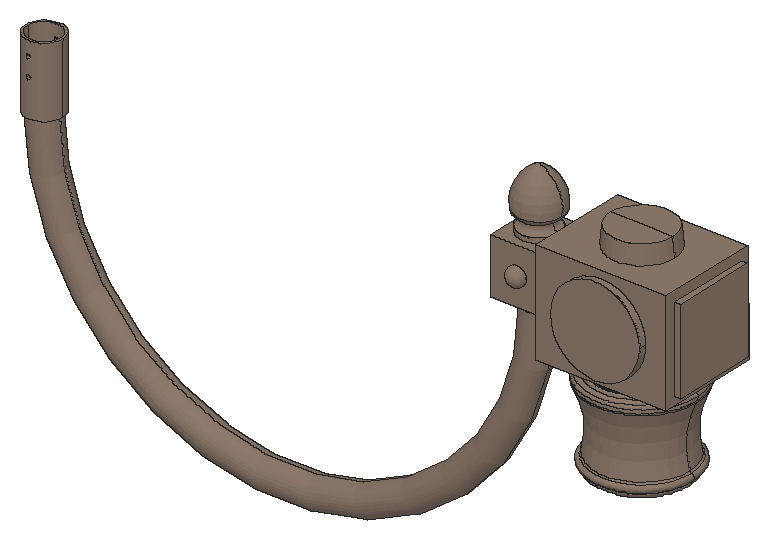
Revit family "PA213", category Generic Models, Revit 2014
Parameters
  END CAP = Bronze, Architectural
  CROWN = Bronze, Architectural
  CANDY CANE = Bronze, Architectural
  BODY = Bronze, Architectural
  BASE = Bronze, Architectural
  ARM = Bronze, Architectural
Reference planes (in)
  plane 1 "Center (Front/Back)": y = 0
  plane 2: z = 0
  plane 3 "Center (Left/Right)": x = 0
  plane 4: y = 2.75
  plane 5: y = 3.125
  plane 6: y = -2.75
  plane 7: y = -3.125
  plane 8: x = -32.98625
  plane 9: x = -32.86125
Forms (in)
  Revolve 1, solid, material "Bronze, Architectural" <- "BASE"
    sketch origin (0, 0, 0) x (1, 0, 0) y (0, 0, 1)
      loop
        arc (-2.38289, 12.14133) -> (-2.31662, 11.9706) -> (-2.39967, 11.80736) r 0.22436
        line (-2.39967, 11.80736) -> (-2.5, 11.80736)
        arc (-2.5, 11.80736) -> (-2.58839, 11.77075) -> (-2.625, 11.68236) r 0.125
        arc (-2.625, 11.68236) -> (-2.72261, 11.57233) -> (-2.86894, 11.55736) r 0.20254
        arc (-2.86894, 11.55736) -> (-2.95733, 11.52075) -> (-2.99394, 11.43236) r 0.125
        line (-2.99394, 11.43236) -> (-2.99394, 11.23726)
        arc (-2.99394, 11.23726) -> (-2.984, 11.18769) -> (-2.95525, 11.14611) r 0.12502
        arc (-2.95525, 11.14611) -> (-2.43215, 9.4658) -> (-2.54473, 7.70956) r 4.83767
        arc (-2.54473, 7.70956) -> (-2.57956, 7.65867) -> (-2.62209, 7.61403) r 0.3836
        arc (-2.62209, 7.61403) -> (-2.7992, 7.43692) -> (-2.62209, 7.25981) r 0.17711
        arc (-2.62209, 7.25981) -> (-2.59549, 7.21517) -> (-2.59621, 7.16322) r 0.09543
        arc (-2.59621, 7.16322) -> (-2.5916, 7.06555) -> (-2.52707, 6.99209) r 0.14793
        line (-2.52707, 6.99209) -> (0, 6.99209) -> (0, 12.14133) -> (-2.38289, 12.14133)
      axis (0, 12.14133) -> (0, 6.99209)
    angle from 0 to 360
  Revolve 2, solid, material "Bronze, Architectural" <- "CROWN"
    sketch origin (0, 0, 0) x (1, 0, 0) y (0, 0, 1)
      loop
        arc (-5.5, 19.64133) -> (-6.49644, 18.78403) -> (-6.73581, 17.49152) r 1.9787
        arc (-6.73581, 17.49152) -> (-6.63331, 17.33614) -> (-6.46357, 17.25972) r 0.33413
        arc (-6.46357, 17.25972) -> (-6.24898, 16.91584) -> (-6.54722, 16.64133) r 0.31749
        line (-6.54722, 16.64133) -> (-6.58, 16.64133) -> (-6.58, 16.39133) -> (-5.5, 16.39133) -> (-5.5, 19.64133)
      axis (-5.5, 19.64133) -> (-5.5, 16.39133)
    angle from 0 to 360
  Revolve 3, solid, material "Bronze, Architectural" <- "CANDY CANE"
    sketch origin (0, 0, 0) x (1, 0, 0) y (0, 0, 1)
      loop
        line (-5.5, 15.39133) -> (-6.33, 15.39133) -> (-6.33, 12.89133) -> (-5.5, 12.89133) -> (-5.5, 15.39133)
      axis (-5.5, 15.39133) -> (-5.5, 12.89133)
    angle from 0 to 360
  Extrusion 4, solid, material "Bronze, Architectural" <- "ARM"
    sketch origin (0, 0, 0) x (1, 0, 0) y (0, 0, 1)
      loop
        line (-3.87241, 16.39133) -> (-6.87241, 16.39133) -> (-6.87241, 13.39133) -> (-3.87241, 13.39133) -> (-3.87241, 16.39133)
    from -1.5 to 1.5
  Revolve 5, solid, material "Bronze, Architectural" <- "ARM"
    sketch origin (0, 0, 0) x (1, 0, 0) y (0, 0, 1)
      loop
        arc (-6.87241, 15.39314) -> (-7.37241, 14.89314) -> (-6.87241, 14.39314) r 0.5
        line (-6.87241, 14.39314) -> (-6.87241, 15.39314)
      axis (-6.87241, 15.39314) -> (-6.87241, 14.39314)
    angle from 0 to 360
  Revolve 6, solid, material "Bronze, Architectural" <- "CANDY CANE"
    sketch origin (-0.49848, 0, 0) x (1, 0, 0) y (0, 0, 1)
      loop
        line (-31.50152, 16.39133) -> (-32.33152, 16.39133) -> (-32.33152, 12.89133) -> (-31.50152, 12.89133) -> (-31.50152, 16.39133)
      axis (-31.50152, 16.39133) -> (-31.50152, 12.89133)
    angle from 0 to 360
  SweptBlend 7, solid, material "Bronze, Architectural" <- "CANDY CANE"
    path origin (0, 0, 0) x (1, 0, 0) y (0, 0, 1)
      loop
        arc (-5.5, 12.89133) -> (-18.75, -0.35867) -> (-32, 12.89133) r 13.25
    profile origin (-5.5, 0, 12.89133) x (0, -1, 0) y (1, 0, 0)
      loop
        circle (0, 0) r 0.83
    end profile origin (-32, 0, 12.89133) x (-1, 0, 0) y (0, -1, 0)
      loop
        circle (0, 0) r 0.83
  Revolve 8, solid, material "Bronze, Architectural" <- "BODY"
    sketch origin (0, 0, 0) x (1, 0, 0) y (0, 0, 1)
      loop
        line (0, 17.64133) -> (0, 18.64133) -> (-1.66156, 18.64133) -> (-1.74905, 17.64133) -> (0, 17.64133)
      axis (0, 18.64133) -> (0, 17.64133)
    angle from 0 to 360
  Extrusion 9, solid, material "Bronze, Architectural" <- "BODY"
    sketch origin (0, 0, 0) x (1, 0, 0) y (0, 0, 1)
      loop
        line (3.49741, 17.64133) -> (-3.49741, 17.64133) -> (-3.49741, 12.14133) -> (3.49741, 12.14133) -> (3.49741, 17.64133)
    from -2.75 to 2.75
  Extrusion 10, solid, material "Bronze, Architectural" <- "BODY"
    sketch origin (0, 0, 0) x (1, 0, 0) y (0, 0, 1)
      loop
        line (-3.49741, 17.14133) -> (-3.87241, 17.14133) -> (-3.87241, 12.64133) -> (-3.49741, 12.64133) -> (-3.49741, 17.14133)
      loop
        line (3.49741, 17.14133) -> (3.49741, 12.64133) -> (3.87241, 12.64133) -> (3.87241, 17.14133) -> (3.49741, 17.14133)
    from -2.25 to 2.25
  Revolve 11, solid, material "Bronze, Architectural" <- "ARM"
    sketch origin (1.37431, -1.5034, 0) x (1, 0, 0) y (0, 0, 1)
      loop
        arc (-6.87241, 15.39314) -> (-7.37241, 14.89314) -> (-6.87241, 14.39314) r 0.5
        line (-6.87241, 14.39314) -> (-6.87241, 15.39314)
      axis (-6.87241, 15.39314) -> (-6.87241, 14.39314)
    angle from 0 to 360
  Revolve 12, solid, material "Bronze, Architectural" <- "ARM"
    sketch origin (1.36596, 1.49952, 0) x (1, 0, 0) y (0, 0, 1)
      loop
        arc (-6.87241, 15.39314) -> (-7.37241, 14.89314) -> (-6.87241, 14.39314) r 0.5
        line (-6.87241, 14.39314) -> (-6.87241, 15.39314)
      axis (-6.87241, 15.39314) -> (-6.87241, 14.39314)
    angle from 0 to 360
  Extrusion 13, solid, material "Bronze, Architectural" <- "BODY"
    sketch origin (0, 0, 0) x (1, 0, 0) y (0, 0, 1)
      loop
        circle (0, 14.89133) r 2.375
    from -3.125 to 3.125
  Extrusion 14, solid, material "Bronze, Architectural" <- "END CAP"
    sketch origin (-8.21736, 0, -10.24003) x (1, 0, 0) y (0, 1, 0)
      loop
        circle (-23.76889, 0) r 1
    from 23.13136 to 26.875
  Extrusion 15, void
    sketch origin (0, 0, 0) x (1, 0, 0) y (0, 0, 1)
      loop
        circle (-32, 15.88497) r 0.125
      loop
        circle (-32, 14.88497) r 0.125
    from -1.04299 to 1.04344
  Revolve 16, void
    sketch origin (0, 0, 0) x (1, 0, 0) y (0, 0, 1)
      loop
        line (-31.98625, 13.80525) -> (-31.98625, 16.63497) -> (-32.86125, 16.63497) -> (-32.86125, 13.80525) -> (-31.98625, 13.80525)
      axis (-31.98625, 16.63497) -> (-31.98625, 13.80525)
    angle from 0 to 360
Cuts and joins
  Extrusion 15, Revolve 16 cuts Revolve 6
  Extrusion 15, Revolve 16 cuts Extrusion 14
Dimensions and locks (in)
  Extrusion 9 to plane 5 = 0' - 0 3/8"
  aligned and locked: plane 2 to level
